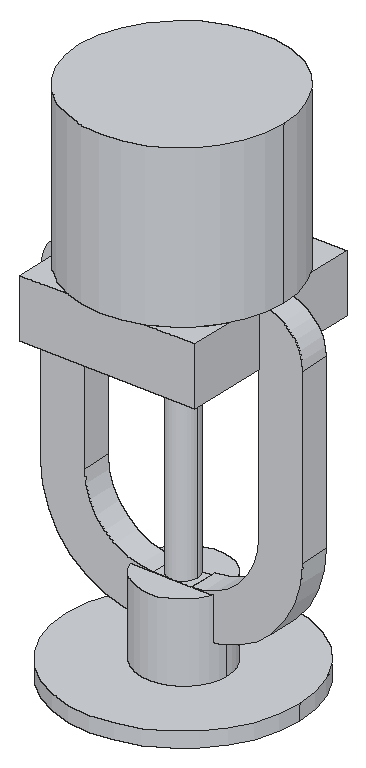
Revit family
Parameters (values of type "RASCO F156 PENDENT")
  Temperature Rating = 200 °F
  Response = (empty or 0)
  RASCO SIN # = "RA1314"
  RASCO Part # = "F56P2W"
  Pressure Rating = "175 PSI"
  Pressure Class = (empty or 0)
  Orifice Size = 1/2"
  Orifice = (empty or 0)
  Model = "F156"
  Manufacturer = "RASCO"
  K-Factor = 5.6
  Description = "White Finish"
  Coverage = (empty or 0)
Reference planes (in)
  plane 1 "Center (Front/Back)": y = 0
  plane 2: z = 0
  plane 3 "Center (Left/Right)": x = 0
Dimensions and locks (in)
  aligned and locked: plane 2 to level
Nested families (in)
  nested 1: "F56P2W" at (-0.0113, 0, 2.4375) x (-1, 0, 0) z (0, 0, -1), type "RASCO F156 PENDENT"
Connectors (in)
  piping at (-0.0113, 0, 2.4375)
    settings: on nested 1, index 1, connector radius 55/128", flow factor 0, pipe flow 0 GPM, pressure drop 0.00 psi, fitting loss kfactor 0, connector angle 0.00°, fixture units 0, flow configuration 0, flow direction 0, fitting loss method 0, system type 7, connector reference index -1, connector utility 0, adjustable connector no, is connector primary yes, fitting loss table "", connector description ""
Definition of nested family "F56P2W"
  Parameters (values of type "RASCO F156 PENDENT")
    Type Comments = ""
    Temperature Rating = 0 °F
    Response = (empty or 0)
    Pressure Rating = "0"
    Pressure Class = (empty or 0)
    Orifice Size = 0"
    Orifice = (empty or 0)
    Model = ""
    Manufacturer = ""
    K-Factor = 0
    Description = ""
    Coverage = (empty or 0)
    Assembly Code = ""
  Reference planes (in)
    plane 1 "Center (Front/Back)": y = 0
    plane 2: z = 0
    plane 3 "ref.2": z = 0.6875
    plane 4 "ref.3": z = 0.9375
    plane 5: x = -0.38065
    plane 6: x = 0.36935
    plane 7 "ref. side 1": y = 0.06402
    plane 8 "ref. side 2": y = -0.06098
    plane 9 "ref.4": z = 1.875
    plane 10 "ref.5": z = 2.3125
    plane 11 "ref.6": z = 2.4375
  Forms (in)
    Extrusion 1, solid
      sketch origin (0, 0, 0) x (1, 0, 0) y (0, 1, 0)
        loop
          circle (0, 0) r 0.4379
      from 0 to 0.6875
    Extrusion 2, solid
      sketch origin (-0.12185, 0.05177, 0.6875) x (1, 0, 0) y (0, 1, 0)
        loop
          line (-0.2588, 0.356) -> (-0.2588, -0.4565) -> (0.4912, -0.4565) -> (0.4912, 0.356) -> (-0.2588, 0.356)
      from 0 to 0.25
    Extrusion 3, solid
      sketch origin (0, 0, 0) x (1, 0, 0) y (0, 0, 1)
        loop
          line (-0.38065, 0.68754) -> (-0.38065, 1.58397)
          arc (-0.38065, 1.58397) -> (-0.29541, 1.78976) -> (-0.08962, 1.875) r 0.29103
          line (-0.08962, 1.875) -> (0.07524, 1.875)
          arc (0.07524, 1.875) -> (0.28321, 1.78886) -> (0.36935, 1.58089) r 0.29411
          line (0.36935, 1.58089) -> (0.36935, 0.68751)
          arc (0.36935, 0.68751) -> (0.50207, 0.74393) -> (0.55685, 0.87734) r 0.18984
          line (0.55685, 0.87734) -> (0.55685, 1.61676)
          arc (0.55685, 1.61676) -> (0.42629, 1.93194) -> (0.11111, 2.0625) r 0.44574
          line (0.11111, 2.0625) -> (-0.12259, 2.0625)
          arc (-0.12259, 2.0625) -> (-0.43765, 1.932) -> (-0.56815, 1.61694) r 0.44556
          line (-0.56815, 1.61694) -> (-0.56815, 0.87876)
          arc (-0.56815, 0.87876) -> (-0.51345, 0.74486) -> (-0.38065, 0.68754) r 0.19126
      from -0.06402 to 0.06098
    Extrusion 4, solid
      sketch origin (0, 0, 0.9375) x (-1, 0, 0) y (0, -1, 0)
        loop
          circle (0.00574, -0.00152) r 0.0625
      from 0 to 0.9375
    Extrusion 5, solid
      sketch origin (0, 0, 1.875) x (-1, 0, 0) y (0, -1, 0)
        loop
          circle (0.00574, -0.00152) r 0.1875
      from 0 to 0.4375
    Extrusion 6, solid
      sketch origin (0, 0, 2.3125) x (0, -1, 0) y (1, 0, 0)
        loop
          circle (-0.00152, -0.00574) r 0.5
      from -0.10531 to -0.03987
  Cuts and joins
    joined: Extrusion 1, Extrusion 2, Extrusion 4
  Lines and regions (in)
    model lines
      curve 1: line (-0.00574, 0.06402, 1.875) -> (-0.00574, -0.06098, 1.875)
